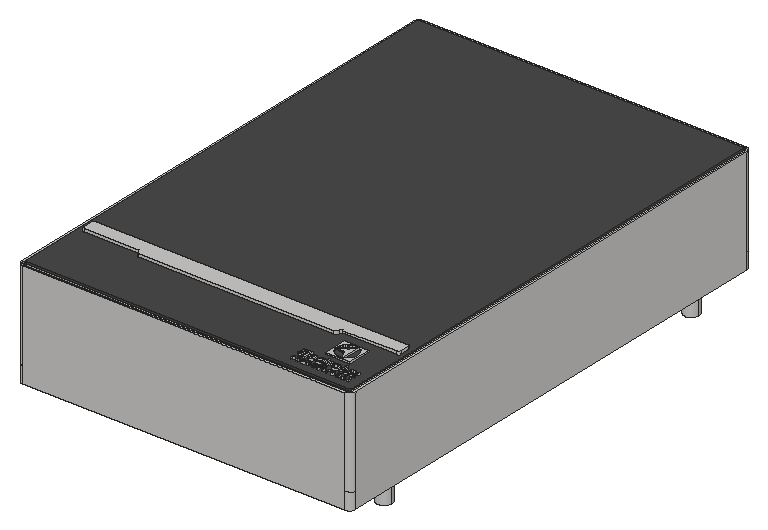
Revit family "QF_ELECTROLUXPROFESSIONAL_600901_E1HDEEOMCU", category Specialty Equipment, Revit 2018
Family settings
  Round Connector Dimension = Use Diameter
  Part Type = Normal
  Work Plane-Based = No
  Always vertical = Yes
  Cut with Voids When Loaded = No
  Shared = No
  Room Calculation Point = No
Parameters (values of type "Standard")
  Watts = 0 W
  Volts = 220 V
  URL = "http://professional.electrolux.com"
  Steam Supply Size = 0 mm
  Steam Supply Minimum Pressure = 0.0 Pa
  Steam Supply Maximum Pressure = 0.0 Pa
  Steam Pounds per Hour = 0
  Show logo [instance] = yes
  Manufacturer = "Electrolux Professional"
  Phase = 1
  Model = "E1HDEEOMCS"
  Item Number = "600877"
  Hot Water Size = 0 mm
  HP = "4 HP"
  Gas Size = 0 mm
  Gas KW = 0
  Direct Waste Size = 0 mm
  Description = "PLUG-IN INDUCTION MONO ZONE COOK TOP"
  Cycle = 60 Hz
  Condensate Return Size = 0 mm
  Compressed Air Volume = 0.0 L/s
  Compressed Air Size = 0 mm
  Compressed Air Pressure = 0.0 Pa
  Cold Water Size = 0 mm
Values of the unnamed type that differ from the named types
  Volts = 0 V
  Item Number = ""
  Cycle = 0 Hz
Reference planes
  plane 1 "Centro (Fronte/Retro)": y = 74.737
  plane 2: z = 0
  plane 3: x = -514.269
  plane 4 "LEFT": x = -714.269
  plane 5 "RIGHT": x = -314.269
  plane 6 "BACK": y = 374.737
  plane 7 "FRONT": y = -225.263
  plane 8: x = -712.269
  plane 9: y = 372.737
  plane 10: x = -316.269
  plane 11: y = -223.263
  plane 12: y = -124.263
  plane 13: x = -698.269
  plane 14: x = -330.269
  plane 15: y = 304.737
  plane 16: y = -155.263
  plane 17: x = -442.269
  plane 18: y = 179.737
  plane 19: z = 764
Forms (mm)
  Extrusion 1, solid, material "QF_Finishes_Stainless Steel"
    sketch origin (0, 0, 788) x (1, 0, 0) y (0, 1, 0)
      loop
        arc (-707.269, 374.737) -> (-712.218, 372.687) -> (-714.269, 367.737) r 7
        line (-714.269, 367.737) -> (-714.269, -218.263)
        arc (-714.269, -218.263) -> (-712.218, -223.213) -> (-707.269, -225.263) r 7
        line (-707.269, -225.263) -> (-321.269, -225.263)
        arc (-321.269, -225.263) -> (-316.319, -223.213) -> (-314.269, -218.263) r 7
        line (-314.269, -218.263) -> (-314.269, 367.737)
        arc (-314.269, 367.737) -> (-316.319, 372.687) -> (-321.269, 374.737) r 7
        line (-321.269, 374.737) -> (-707.269, 374.737)
    from 0 to 20
  Extrusion 2, solid, material "QF_Finishes_Stainless Steel"
    sketch origin (0, 0, 788) x (1, 0, 0) y (0, 1, 0)
      loop
        line (-321.269, 374.737) -> (-707.269, 374.737)
        arc (-707.269, 374.737) -> (-712.218, 372.687) -> (-714.269, 367.737) r 7
        line (-714.269, 367.737) -> (-714.269, -218.263)
        arc (-714.269, -218.263) -> (-712.218, -223.213) -> (-707.269, -225.263) r 7
        line (-707.269, -225.263) -> (-321.269, -225.263)
        arc (-321.269, -225.263) -> (-316.319, -223.213) -> (-314.269, -218.263) r 7
        line (-314.269, -218.263) -> (-314.269, 367.737)
        arc (-314.269, 367.737) -> (-316.319, 372.687) -> (-321.269, 374.737) r 7
      loop
        arc (-707.269, 372.737) -> (-710.804, 371.273) -> (-712.269, 367.737) r 5
        line (-712.269, 367.737) -> (-712.269, -218.263)
        arc (-712.269, -218.263) -> (-710.804, -221.798) -> (-707.269, -223.263) r 5
        line (-707.269, -223.263) -> (-321.269, -223.263)
        arc (-321.269, -223.263) -> (-317.733, -221.798) -> (-316.269, -218.263) r 5
        line (-316.269, -218.263) -> (-316.269, 367.737)
        arc (-316.269, 367.737) -> (-317.733, 371.273) -> (-321.269, 372.737) r 5
        line (-321.269, 372.737) -> (-707.269, 372.737)
    from 20 to 126
  Extrusion 3, solid, material "QF_Finishes_Black"
    sketch origin (0, 0, 914) x (-1, 0, 0) y (0, -1, 0)
      loop
        arc (707.269, -369.737) -> (708.683, -369.151) -> (709.269, -367.737) r 2
        line (709.269, -367.737) -> (709.269, 218.263)
        arc (709.269, 218.263) -> (708.683, 219.677) -> (707.269, 220.263) r 2
        line (707.269, 220.263) -> (321.269, 220.263)
        arc (321.269, 220.263) -> (319.854, 219.677) -> (319.269, 218.263) r 2
        line (319.269, 218.263) -> (319.269, -367.737)
        arc (319.269, -367.737) -> (319.854, -369.151) -> (321.269, -369.737) r 2
        line (321.269, -369.737) -> (707.269, -369.737)
    from 0 to 2
  Extrusion 4, solid, material "QF_Finishes_Stainless Steel"
    sketch origin (0, 0, 914) x (-1, 0, 0) y (0, -1, 0)
      loop
        arc (701.269, 124.263) -> (703.39, 125.142) -> (704.269, 127.263) r 3
        line (704.269, 127.263) -> (704.269, 137.763)
        arc (704.269, 137.763) -> (703.39, 139.884) -> (701.269, 140.763) r 3
        line (701.269, 140.763) -> (637.269, 140.763)
        arc (637.269, 140.763) -> (635.147, 141.642) -> (634.269, 143.763) r 3
        arc (634.269, 143.763) -> (633.39, 145.884) -> (631.269, 146.763) r 3
        line (631.269, 146.763) -> (397.269, 146.763)
        arc (397.269, 146.763) -> (395.147, 145.884) -> (394.269, 143.763) r 3
        arc (394.269, 143.763) -> (393.39, 141.642) -> (391.269, 140.763) r 3
        line (391.269, 140.763) -> (327.269, 140.763)
        arc (327.269, 140.763) -> (325.147, 139.884) -> (324.269, 137.763) r 3
        line (324.269, 137.763) -> (324.269, 127.263)
        arc (324.269, 127.263) -> (325.147, 125.142) -> (327.269, 124.263) r 3
        line (327.269, 124.263) -> (701.269, 124.263)
    from 2 to 5
  Extrusion 5, solid, material "QF_Finishes_Stainless Steel"
    sketch origin (0, 0, 140) x (-1, 0, 0) y (0, -1, 0)
      loop
        circle (698.269, -304.737) r 9
      loop
        circle (330.269, -304.737) r 9
      loop
        circle (698.269, 155.263) r 9
      loop
        circle (330.269, 155.263) r 9
    from 624 to 648
  Extrusion 6, solid, material "QF_Finishes_Stainless Steel"
    sketch origin (0, 0, 140) x (-1, 0, 0) y (0, -1, 0)
      loop
        circle (442.269, -179.737) r 10
    from 638.028 to 648
Cuts and joins
  joined: Extrusion 1, Extrusion 2
Lines and regions (mm)
  Split face 1
    outline origin (0, 0, 916) x (-1, 0, 0) y (0, -1, 0)
      loop
        line (324.269, 124.263) -> (324.269, -364.737) -> (704.269, -364.737) -> (704.269, 124.263) -> (324.269, 124.263)
  Split face 2
    outline origin (0, 0, 916) x (-1, 0, 0) y (0, -1, 0)
      loop
        circle (514.269, -120.237) r 139
  symbolic lines
    curve 1: line (-321.269, 374.737, 126) -> (-707.269, 374.737, 126)
    curve 2: arc (-707.269, 374.737, 126) -> (-712.218, 372.687, 126) -> (-714.269, 367.737, 126) r 7
    curve 3: line (-714.269, 367.737, 126) -> (-714.269, -218.263, 126)
    curve 4: arc (-714.269, -218.263, 126) -> (-712.218, -223.213, 126) -> (-707.269, -225.263, 126) r 7
    curve 5: line (-707.269, -225.263, 126) -> (-321.269, -225.263, 126)
    curve 6: arc (-321.269, -225.263, 126) -> (-316.319, -223.213, 126) -> (-314.269, -218.263, 126) r 7
    curve 7: line (-314.269, -218.263, 126) -> (-314.269, 367.737, 126)
    curve 8: arc (-314.269, 367.737, 126) -> (-316.319, 372.687, 126) -> (-321.269, 374.737, 126) r 7
    curve 9: line (-707.269, 372.737, 126) -> (-321.269, 372.737, 126)
    curve 10: arc (-321.269, 372.737, 126) -> (-317.733, 371.273, 126) -> (-316.269, 367.737, 126) r 5
    curve 11: line (-316.269, 367.737, 126) -> (-316.269, -218.263, 126)
    curve 12: arc (-316.269, -218.263, 126) -> (-317.733, -221.798, 126) -> (-321.269, -223.263, 126) r 5
    curve 13: line (-321.269, -223.263, 126) -> (-707.269, -223.263, 126)
    curve 14: arc (-707.269, -223.263, 126) -> (-710.804, -221.798, 126) -> (-712.269, -218.263, 126) r 5
    curve 15: line (-712.269, -218.263, 126) -> (-712.269, 367.737, 126)
    curve 16: arc (-712.269, 367.737, 126) -> (-710.804, 371.273, 126) -> (-707.269, 372.737, 126) r 5
    curve 17: arc (-375.269, 120.237, 126) -> (-514.269, 259.237, 126) -> (-653.269, 120.237, 126) r 139
    curve 18: arc (-653.269, 120.237, 126) -> (-514.269, -18.763, 126) -> (-375.269, 120.237, 126) r 139
    curve 19: line (-631.269, -146.763, 126) -> (-397.269, -146.763, 126)
    curve 20: arc (-397.269, -146.763, 126) -> (-395.147, -145.884, 126) -> (-394.269, -143.763, 126) r 3
    curve 21: arc (-394.269, -143.763, 126) -> (-393.39, -141.642, 126) -> (-391.269, -140.763, 126) r 3
    curve 22: line (-391.269, -140.763, 126) -> (-327.269, -140.763, 126)
    curve 23: arc (-327.269, -140.763, 126) -> (-325.147, -139.884, 126) -> (-324.269, -137.763, 126) r 3
    curve 24: line (-324.269, -137.763, 126) -> (-324.269, -127.263, 126)
    curve 25: arc (-324.269, -127.263, 126) -> (-325.147, -125.142, 126) -> (-327.269, -124.263, 126) r 3
    curve 26: line (-324.269, -124.263, 126) -> (-704.269, -124.263, 126)
    curve 27: arc (-701.269, -124.263, 126) -> (-703.39, -125.142, 126) -> (-704.269, -127.263, 126) r 3
    curve 28: line (-704.269, -127.263, 126) -> (-704.269, -137.763, 126)
    curve 29: arc (-704.269, -137.763, 126) -> (-703.39, -139.884, 126) -> (-701.269, -140.763, 126) r 3
    curve 30: line (-701.269, -140.763, 126) -> (-637.269, -140.763, 126)
    curve 31: arc (-637.269, -140.763, 126) -> (-635.147, -141.642, 126) -> (-634.269, -143.763, 126) r 3
    curve 32: arc (-634.269, -143.763, 126) -> (-633.39, -145.884, 126) -> (-631.269, -146.763, 126) r 3
    curve 33: line (-704.269, 364.737, 126) -> (-704.269, -124.263, 126)
    curve 34: line (-324.269, -124.263, 126) -> (-324.269, 364.737, 126)
    curve 35: line (-324.269, 364.737, 126) -> (-704.269, 364.737, 126)
    curve 36: line (-319.269, -218.263, 126) -> (-319.269, 367.737, 126)
    curve 37: arc (-319.269, 367.737, 126) -> (-319.854, 369.151, 126) -> (-321.269, 369.737, 126) r 2
    curve 38: line (-321.269, 369.737, 126) -> (-707.269, 369.737, 126)
    curve 39: arc (-707.269, 369.737, 126) -> (-708.683, 369.151, 126) -> (-709.269, 367.737, 126) r 2
    curve 40: line (-709.269, 367.737, 126) -> (-709.269, -218.263, 126)
    curve 41: arc (-709.269, -218.263, 126) -> (-708.683, -219.677, 126) -> (-707.269, -220.263, 126) r 2
    curve 42: line (-707.269, -220.263, 126) -> (-321.269, -220.263, 126)
    curve 43: arc (-321.269, -220.263, 126) -> (-319.854, -219.677, 126) -> (-319.269, -218.263, 126) r 2
    curve 44: line (-378.626, -153.452, 126) -> (-378.626, -182.168, 126)
    curve 45: line (-378.626, -182.168, 126) -> (-349.912, -182.168, 126)
    curve 46: line (-349.912, -182.168, 126) -> (-349.912, -153.452, 126)
    curve 47: line (-349.912, -153.452, 126) -> (-378.626, -153.452, 126)
    curve 48: line (-375.841, -162.424, 126) -> (-375.07, -161.023, 126)
    curve 49: line (-375.07, -161.023, 126) -> (-374.141, -159.732, 126)
    curve 50: line (-374.141, -159.732, 126) -> (-373.065, -158.564, 126)
    curve 51: line (-373.065, -158.564, 126) -> (-371.856, -157.535, 126)
    curve 52: line (-371.856, -157.535, 126) -> (-370.527, -156.661, 126)
    curve 53: line (-370.527, -156.661, 126) -> (-369.091, -155.954, 126)
    curve 54: line (-369.091, -155.954, 126) -> (-367.562, -155.431, 126)
    curve 55: line (-367.562, -155.431, 126) -> (-365.952, -155.107, 126)
    curve 56: arc (-365.952, -155.107, 126) -> (-363.752, -155.007, 126) -> (-361.567, -155.279, 126) r 13.008
    curve 57: arc (-361.567, -155.279, 126) -> (-361.815, -157.647, 126) -> (-362.651, -159.876, 126) r 9.395
    curve 58: line (-362.651, -159.876, 126) -> (-363.438, -161.245, 126)
    curve 59: line (-363.438, -161.245, 126) -> (-364.403, -162.507, 126)
    curve 60: line (-364.403, -162.507, 126) -> (-365.524, -163.648, 126)
    curve 61: line (-365.524, -163.648, 126) -> (-366.781, -164.654, 126)
    curve 62: line (-366.781, -164.654, 126) -> (-368.151, -165.509, 126)
    curve 63: line (-368.151, -165.509, 126) -> (-369.615, -166.2, 126)
    curve 64: line (-369.615, -166.2, 126) -> (-371.15, -166.712, 126)
    curve 65: line (-371.15, -166.712, 126) -> (-372.736, -167.029, 126)
    curve 66: line (-372.736, -167.029, 126) -> (-374.352, -167.138, 126)
    curve 67: line (-374.352, -167.138, 126) -> (-377.067, -167.138, 126)
    curve 68: line (-377.067, -167.138, 126) -> (-376.852, -165.495, 126)
    curve 69: line (-376.852, -165.495, 126) -> (-376.439, -163.92, 126)
    curve 70: line (-376.439, -163.92, 126) -> (-375.841, -162.424, 126)
    curve 71: line (-360.221, -179.969, 126) -> (-360.221, -155.646, 126)
    curve 72: line (-360.221, -155.646, 126) -> (-358.743, -156.237, 126)
    curve 73: line (-358.743, -156.237, 126) -> (-357.363, -157.003, 126)
    curve 74: line (-357.363, -157.003, 126) -> (-356.095, -157.931, 126)
    curve 75: line (-356.095, -157.931, 126) -> (-354.951, -159.007, 126)
    curve 76: line (-354.951, -159.007, 126) -> (-353.945, -160.217, 126)
    curve 77: line (-353.945, -160.217, 126) -> (-353.092, -161.548, 126)
    curve 78: line (-353.092, -161.548, 126) -> (-352.403, -162.986, 126)
    curve 79: line (-352.403, -162.986, 126) -> (-351.894, -164.517, 126)
    curve 80: line (-351.894, -164.517, 126) -> (-351.576, -166.128, 126)
    curve 81: line (-351.576, -166.128, 126) -> (-351.464, -167.804, 126)
    curve 82: line (-351.464, -167.804, 126) -> (-351.567, -169.456, 126)
    curve 83: line (-351.567, -169.456, 126) -> (-351.873, -171.047, 126)
    curve 84: line (-351.873, -171.047, 126) -> (-352.372, -172.563, 126)
    curve 85: line (-352.372, -172.563, 126) -> (-353.05, -173.992, 126)
    curve 86: line (-353.05, -173.992, 126) -> (-353.897, -175.319, 126)
    curve 87: line (-353.897, -175.319, 126) -> (-354.899, -176.532, 126)
    curve 88: line (-354.899, -176.532, 126) -> (-356.044, -177.617, 126)
    curve 89: line (-356.044, -177.617, 126) -> (-357.321, -178.56, 126)
    curve 90: line (-357.321, -178.56, 126) -> (-358.718, -179.349, 126)
    curve 91: line (-358.718, -179.349, 126) -> (-360.221, -179.969, 126)
    curve 92: line (-369.613, -169.43, 126) -> (-368.15, -170.12, 126)
    curve 93: line (-368.15, -170.12, 126) -> (-366.78, -170.975, 126)
    curve 94: line (-366.78, -170.975, 126) -> (-365.524, -171.98, 126)
    curve 95: line (-365.524, -171.98, 126) -> (-364.403, -173.12, 126)
    curve 96: line (-364.403, -173.12, 126) -> (-363.439, -174.381, 126)
    curve 97: line (-363.439, -174.381, 126) -> (-362.652, -175.748, 126)
    curve 98: arc (-362.652, -175.748, 126) -> (-361.85, -177.982, 126) -> (-361.568, -180.34, 126) r 10.532
    curve 99: arc (-361.568, -180.34, 126) -> (-362.906, -180.548, 126) -> (-364.258, -180.63, 126) r 14.39
    curve 100: line (-364.258, -180.63, 126) -> (-365.828, -180.532, 126)
    curve 101: line (-365.828, -180.532, 126) -> (-367.331, -180.252, 126)
    curve 102: line (-367.331, -180.252, 126) -> (-368.77, -179.801, 126)
    curve 103: line (-368.77, -179.801, 126) -> (-370.134, -179.191, 126)
    curve 104: line (-370.134, -179.191, 126) -> (-371.411, -178.434, 126)
    curve 105: line (-371.411, -178.434, 126) -> (-372.589, -177.541, 126)
    curve 106: line (-372.589, -177.541, 126) -> (-373.656, -176.525, 126)
    curve 107: line (-373.656, -176.525, 126) -> (-374.6, -175.397, 126)
    curve 108: line (-374.6, -175.397, 126) -> (-375.41, -174.168, 126)
    curve 109: line (-375.41, -174.168, 126) -> (-376.073, -172.852, 126)
    curve 110: line (-376.073, -172.852, 126) -> (-376.579, -171.46, 126)
    curve 111: line (-376.579, -171.46, 126) -> (-376.915, -170.003, 126)
    curve 112: line (-376.915, -170.003, 126) -> (-377.069, -168.493, 126)
    curve 113: line (-377.069, -168.493, 126) -> (-374.35, -168.493, 126)
    curve 114: line (-374.35, -168.493, 126) -> (-372.734, -168.602, 126)
    curve 115: line (-372.734, -168.602, 126) -> (-371.148, -168.919, 126)
    curve 116: line (-371.148, -168.919, 126) -> (-369.613, -169.43, 126)
    curve 117: arc (-399.495, -197.154, 126) -> (-398.466, -199.638, 126) -> (-395.982, -200.667, 126) r 3.513
    curve 118: line (-395.982, -200.667, 126) -> (-392.408, -200.667, 126)
    curve 119: line (-392.408, -200.667, 126) -> (-392.408, -198.85, 126)
    curve 120: line (-392.408, -198.85, 126) -> (-395.966, -198.85, 126)
    curve 121: arc (-395.966, -198.85, 126) -> (-397.094, -198.382, 126) -> (-397.562, -197.254, 126) r 1.596
    curve 122: line (-397.562, -197.254, 126) -> (-397.562, -195.74, 126)
    curve 123: line (-397.562, -195.74, 126) -> (-392.843, -195.74, 126)
    curve 124: line (-392.843, -195.74, 126) -> (-392.843, -193.917, 126)
    curve 125: line (-392.843, -193.917, 126) -> (-397.563, -193.917, 126)
    curve 126: line (-397.563, -193.917, 126) -> (-397.563, -191.264, 126)
    curve 127: line (-397.563, -191.264, 126) -> (-392.542, -191.264, 126)
    curve 128: line (-392.542, -191.264, 126) -> (-392.542, -189.445, 126)
    curve 129: line (-392.542, -189.445, 126) -> (-399.495, -189.445, 126)
    curve 130: line (-399.495, -189.445, 126) -> (-399.495, -193.353, 126)
    curve 131: line (-399.495, -193.353, 126) -> (-399.495, -197.154, 126)
    curve 132: line (-389.101, -189.455, 126) -> (-391.035, -189.455, 126)
    curve 133: line (-391.035, -189.455, 126) -> (-391.035, -194.76, 126)
    curve 134: line (-391.035, -194.76, 126) -> (-391.035, -200.681, 126)
    curve 135: line (-391.035, -200.681, 126) -> (-389.101, -200.681, 126)
    curve 136: line (-389.101, -200.681, 126) -> (-389.101, -194.721, 126)
    curve 137: line (-389.101, -194.721, 126) -> (-389.101, -189.455, 126)
    curve 138: arc (-380.394, -193.787, 126) -> (-383.654, -192.313, 126) -> (-386.913, -193.787, 126) r 4.34
    curve 139: arc (-386.913, -193.787, 126) -> (-387.819, -196.606, 126) -> (-386.913, -199.425, 126) r 4.838
    curve 140: arc (-386.913, -199.425, 126) -> (-383.498, -200.88, 126) -> (-380.082, -199.425, 126) r 4.737
    curve 141: line (-380.082, -199.425, 126) -> (-381.246, -198.293, 126)
    curve 142: arc (-381.246, -198.293, 126) -> (-383.382, -199.237, 126) -> (-385.517, -198.293, 126) r 2.888
    curve 143: arc (-385.517, -198.293, 126) -> (-385.841, -197.736, 126) -> (-385.905, -197.095, 126) r 1.527
    curve 144: line (-385.905, -197.095, 126) -> (-379.564, -197.095, 126)
    curve 145: arc (-379.564, -197.095, 126) -> (-379.672, -195.364, 126) -> (-380.394, -193.787, 126) r 4.757
    curve 146: line (-381.505, -195.736, 126) -> (-385.858, -195.736, 126)
    curve 147: arc (-385.858, -195.736, 126) -> (-385.043, -194.411, 126) -> (-383.56, -193.941, 126) r 2.23
    curve 148: arc (-383.56, -193.941, 126) -> (-382.221, -194.482, 126) -> (-381.505, -195.736, 126) r 2.201
    curve 149: arc (-372.029, -198.26, 126) -> (-376.639, -196.593, 126) -> (-372.029, -194.927, 126) r 2.606
    curve 150: line (-372.029, -194.927, 126) -> (-370.832, -193.681, 126)
    curve 151: arc (-370.832, -193.681, 126) -> (-378.564, -196.594, 126) -> (-370.832, -199.507, 126) r 4.415
    curve 152: line (-370.832, -199.507, 126) -> (-372.029, -198.26, 126)
    curve 153: line (-369.629, -193.481, 126) -> (-369.629, -197.299, 126)
    curve 154: arc (-369.629, -197.299, 126) -> (-368.592, -199.893, 126) -> (-365.911, -200.681, 126) r 3.196
    curve 155: line (-365.911, -200.681, 126) -> (-365.904, -198.864, 126)
    curve 156: arc (-365.904, -198.864, 126) -> (-367.239, -198.457, 126) -> (-367.699, -197.14, 126) r 1.542
    curve 157: line (-367.699, -197.14, 126) -> (-367.699, -194.319, 126)
    curve 158: line (-367.699, -194.319, 126) -> (-365.94, -194.319, 126)
    curve 159: line (-365.94, -194.319, 126) -> (-365.94, -192.562, 126)
    curve 160: line (-365.94, -192.562, 126) -> (-367.696, -192.562, 126)
    curve 161: line (-367.696, -192.562, 126) -> (-367.696, -189.455, 126)
    curve 162: line (-367.696, -189.455, 126) -> (-369.629, -189.455, 126)
    curve 163: line (-369.629, -189.455, 126) -> (-369.629, -193.481, 126)
    curve 164: arc (-359.402, -192.451, 126) -> (-361.13, -192.587, 126) -> (-362.397, -193.771, 126) r 2.627
    curve 165: line (-362.397, -193.771, 126) -> (-362.397, -192.563, 126)
    curve 166: line (-362.397, -192.563, 126) -> (-364.315, -192.563, 126)
    curve 167: line (-364.315, -192.563, 126) -> (-364.315, -196.541, 126)
    curve 168: line (-364.315, -196.541, 126) -> (-364.315, -200.681, 126)
    curve 169: line (-364.315, -200.681, 126) -> (-362.397, -200.681, 126)
    curve 170: line (-362.397, -200.681, 126) -> (-362.397, -196.412, 126)
    curve 171: arc (-362.397, -196.412, 126) -> (-361.445, -194.585, 126) -> (-359.402, -194.319, 126) r 2.229
    curve 172: line (-359.402, -194.319, 126) -> (-359.402, -192.451, 126)
    curve 173: arc (-350.248, -196.625, 126) -> (-354.668, -192.205, 126) -> (-359.088, -196.625, 126) r 4.42
    curve 174: arc (-359.088, -196.625, 126) -> (-354.668, -201.046, 126) -> (-350.248, -196.625, 126) r 4.42
    curve 175: arc (-357.176, -196.625, 126) -> (-354.668, -194.117, 126) -> (-352.16, -196.625, 126) r 2.508
    curve 176: arc (-352.16, -196.625, 126) -> (-354.668, -199.134, 126) -> (-357.176, -196.625, 126) r 2.508
    curve 177: line (-347.124, -189.454, 126) -> (-349.058, -189.454, 126)
    curve 178: line (-349.058, -189.454, 126) -> (-349.058, -194.566, 126)
    curve 179: line (-349.058, -194.566, 126) -> (-349.058, -200.682, 126)
    curve 180: line (-349.058, -200.682, 126) -> (-347.124, -200.682, 126)
    curve 181: line (-347.124, -200.682, 126) -> (-347.124, -194.643, 126)
    curve 182: line (-347.124, -194.643, 126) -> (-347.124, -189.454, 126)
    curve 183: line (-343.697, -192.562, 126) -> (-345.646, -192.562, 126)
    curve 184: line (-345.646, -192.562, 126) -> (-345.646, -194.915, 126)
    curve 185: line (-345.646, -194.915, 126) -> (-345.646, -197.715, 126)
    curve 186: arc (-345.646, -197.715, 126) -> (-341.931, -201.044, 126) -> (-338.204, -197.728, 126) r 3.745
    curve 187: line (-338.204, -197.728, 126) -> (-338.204, -194.915, 126)
    curve 188: line (-338.204, -194.915, 126) -> (-338.204, -192.562, 126)
    curve 189: line (-338.204, -192.562, 126) -> (-340.152, -192.562, 126)
    curve 190: line (-340.152, -192.562, 126) -> (-340.152, -197.299, 126)
    curve 191: arc (-340.152, -197.299, 126) -> (-341.925, -199.071, 126) -> (-343.697, -197.299, 126) r 1.772
    curve 192: line (-343.697, -197.299, 126) -> (-343.697, -192.562, 126)
    curve 193: line (-334.237, -196.397, 126) -> (-335.916, -198.735, 126)
    curve 194: line (-335.916, -198.735, 126) -> (-337.313, -200.682, 126)
    curve 195: line (-337.313, -200.682, 126) -> (-335.235, -200.682, 126)
    curve 196: line (-335.235, -200.682, 126) -> (-333.174, -197.813, 126)
    curve 197: line (-333.174, -197.813, 126) -> (-331.112, -200.682, 126)
    curve 198: line (-331.112, -200.682, 126) -> (-329.034, -200.682, 126)
    curve 199: line (-329.034, -200.682, 126) -> (-330.891, -198.085, 126)
    curve 200: line (-330.891, -198.085, 126) -> (-332.11, -196.38, 126)
    curve 201: line (-332.11, -196.38, 126) -> (-330.601, -194.325, 126)
    curve 202: line (-330.601, -194.325, 126) -> (-329.308, -192.563, 126)
    curve 203: line (-329.308, -192.563, 126) -> (-331.418, -192.563, 126)
    curve 204: line (-331.418, -192.563, 126) -> (-333.174, -194.995, 126)
    curve 205: line (-333.174, -194.995, 126) -> (-334.946, -192.563, 126)
    curve 206: line (-334.946, -192.563, 126) -> (-337.039, -192.563, 126)
    curve 207: line (-337.039, -192.563, 126) -> (-335.839, -194.205, 126)
    curve 208: line (-335.839, -194.205, 126) -> (-334.237, -196.397, 126)
    curve 209: line (-399.467, -205.699, 126) -> (-399.467, -209.59, 126)
    curve 210: line (-399.467, -209.59, 126) -> (-398.667, -209.59, 126)
    curve 211: line (-398.667, -209.59, 126) -> (-398.667, -208.271, 126)
    curve 212: line (-398.667, -208.271, 126) -> (-397.697, -208.271, 126)
    curve 213: arc (-397.697, -208.271, 126) -> (-396.674, -206.863, 126) -> (-397.967, -205.699, 126) r 1.3
    curve 214: line (-397.967, -205.699, 126) -> (-399.467, -205.699, 126)
    curve 215: line (-398.667, -207.52, 126) -> (-398.667, -206.434, 126)
    curve 216: line (-398.667, -206.434, 126) -> (-397.861, -206.434, 126)
    curve 217: arc (-397.861, -206.434, 126) -> (-397.461, -206.977, 126) -> (-397.861, -207.52, 126) r 0.569
    curve 218: line (-397.861, -207.52, 126) -> (-398.667, -207.52, 126)
    curve 219: line (-393.389, -205.699, 126) -> (-393.389, -209.59, 126)
    curve 220: line (-393.389, -209.59, 126) -> (-392.589, -209.59, 126)
    curve 221: line (-392.589, -209.59, 126) -> (-392.589, -208.249, 126)
    curve 222: line (-392.589, -208.249, 126) -> (-391.763, -208.249, 126)
    curve 223: line (-391.763, -208.249, 126) -> (-390.957, -209.59, 126)
    curve 224: line (-390.957, -209.59, 126) -> (-390.05, -209.59, 126)
    curve 225: line (-390.05, -209.59, 126) -> (-391.058, -207.929, 126)
    curve 226: arc (-391.058, -207.929, 126) -> (-390.677, -206.531, 126) -> (-391.863, -205.699, 126) r 1.26
    curve 227: line (-391.863, -205.699, 126) -> (-393.389, -205.699, 126)
    curve 228: line (-392.589, -207.52, 126) -> (-392.589, -206.434, 126)
    curve 229: line (-392.589, -206.434, 126) -> (-391.782, -206.434, 126)
    curve 230: arc (-391.782, -206.434, 126) -> (-391.383, -206.977, 126) -> (-391.782, -207.52, 126) r 0.569
    curve 231: line (-391.782, -207.52, 126) -> (-392.589, -207.52, 126)
    curve 232: arc (-386.695, -207.668, 126) -> (-385.407, -206.38, 126) -> (-384.119, -207.668, 126) r 1.288
    curve 233: arc (-384.119, -207.668, 126) -> (-385.407, -208.956, 126) -> (-386.695, -207.668, 126) r 1.288
    curve 234: arc (-383.342, -207.668, 126) -> (-385.407, -205.603, 126) -> (-387.472, -207.668, 126) r 2.065
    curve 235: arc (-387.472, -207.668, 126) -> (-385.407, -209.733, 126) -> (-383.342, -207.668, 126) r 2.065
    curve 236: line (-379.969, -205.699, 126) -> (-379.969, -209.59, 126)
    curve 237: line (-379.969, -209.59, 126) -> (-379.169, -209.59, 126)
    curve 238: line (-379.169, -209.59, 126) -> (-379.169, -208.099, 126)
    curve 239: line (-379.169, -208.099, 126) -> (-377.704, -208.099, 126)
    curve 240: line (-377.704, -208.099, 126) -> (-377.704, -207.299, 126)
    curve 241: line (-377.704, -207.299, 126) -> (-379.169, -207.299, 126)
    curve 242: line (-379.169, -207.299, 126) -> (-379.169, -206.499, 126)
    curve 243: line (-379.169, -206.499, 126) -> (-377.564, -206.499, 126)
    curve 244: line (-377.564, -206.499, 126) -> (-377.564, -205.699, 126)
    curve 245: line (-377.564, -205.699, 126) -> (-379.969, -205.699, 126)
    curve 246: line (-374.264, -205.699, 126) -> (-374.264, -208.344, 126)
    curve 247: arc (-374.264, -208.344, 126) -> (-373.899, -209.225, 126) -> (-373.017, -209.59, 126) r 1.246
    curve 248: line (-373.017, -209.59, 126) -> (-371.761, -209.59, 126)
    curve 249: line (-371.761, -209.59, 126) -> (-371.761, -208.79, 126)
    curve 250: line (-371.761, -208.79, 126) -> (-372.922, -208.79, 126)
    curve 251: arc (-372.922, -208.79, 126) -> (-373.361, -208.576, 126) -> (-373.464, -208.099, 126) r 0.558
    curve 252: line (-373.464, -208.099, 126) -> (-371.907, -208.099, 126)
    curve 253: line (-371.907, -208.099, 126) -> (-371.907, -207.299, 126)
    curve 254: line (-371.907, -207.299, 126) -> (-373.464, -207.299, 126)
    curve 255: line (-373.464, -207.299, 126) -> (-373.464, -206.499, 126)
    curve 256: line (-373.464, -206.499, 126) -> (-371.799, -206.499, 126)
    curve 257: line (-371.799, -206.499, 126) -> (-371.799, -205.699, 126)
    curve 258: line (-371.799, -205.699, 126) -> (-374.264, -205.699, 126)
    curve 259: arc (-368.711, -208.718, 126) -> (-367.818, -209.538, 126) -> (-366.606, -209.568, 126) r 1.725
    curve 260: arc (-366.606, -209.568, 126) -> (-365.785, -208.793, 126) -> (-366.071, -207.702, 126) r 1.107
    curve 261: arc (-366.071, -207.702, 126) -> (-366.648, -207.348, 126) -> (-367.264, -207.067, 126) r 5.523
    curve 262: arc (-367.264, -207.067, 126) -> (-367.604, -206.55, 126) -> (-367.043, -206.293, 126) r 0.407
    curve 263: arc (-367.043, -206.293, 126) -> (-366.706, -206.498, 126) -> (-366.425, -206.775, 126) r 1.702
    curve 264: line (-366.425, -206.775, 126) -> (-365.74, -206.363, 126)
    curve 265: arc (-365.74, -206.363, 126) -> (-366.172, -205.902, 126) -> (-366.708, -205.566, 126) r 2.463
    curve 266: arc (-366.708, -205.566, 126) -> (-368.378, -206.347, 126) -> (-367.331, -207.864, 126) r 1.207
    curve 267: line (-367.331, -207.864, 126) -> (-366.868, -208.812, 126)
    curve 268: arc (-366.868, -208.812, 126) -> (-367.513, -208.798, 126) -> (-367.991, -208.367, 126) r 0.925
    curve 269: line (-367.991, -208.367, 126) -> (-368.711, -208.718, 126)
    curve 270: arc (-362.851, -208.718, 126) -> (-361.958, -209.538, 126) -> (-360.746, -209.568, 126) r 1.725
    curve 271: arc (-360.746, -209.568, 126) -> (-359.926, -208.793, 126) -> (-360.211, -207.702, 126) r 1.107
    curve 272: arc (-360.211, -207.702, 126) -> (-360.788, -207.348, 126) -> (-361.405, -207.067, 126) r 5.523
    curve 273: arc (-361.405, -207.067, 126) -> (-361.745, -206.55, 126) -> (-361.183, -206.293, 126) r 0.407
    curve 274: arc (-361.183, -206.293, 126) -> (-360.846, -206.498, 126) -> (-360.566, -206.775, 126) r 1.702
    curve 275: line (-360.566, -206.775, 126) -> (-359.88, -206.363, 126)
    curve 276: arc (-359.88, -206.363, 126) -> (-360.313, -205.902, 126) -> (-360.848, -205.566, 126) r 2.463
    curve 277: arc (-360.848, -205.566, 126) -> (-362.518, -206.347, 126) -> (-361.471, -207.864, 126) r 1.207
    curve 278: line (-361.471, -207.864, 126) -> (-361.009, -208.812, 126)
    curve 279: arc (-361.009, -208.812, 126) -> (-361.653, -208.798, 126) -> (-362.132, -208.367, 126) r 0.925
    curve 280: line (-362.132, -208.367, 126) -> (-362.851, -208.718, 126)
    curve 281: line (-356.591, -209.59, 126) -> (-355.791, -209.59, 126)
    curve 282: line (-355.791, -209.59, 126) -> (-355.791, -205.699, 126)
    curve 283: line (-355.791, -205.699, 126) -> (-356.591, -205.699, 126)
    curve 284: line (-356.591, -205.699, 126) -> (-356.591, -209.59, 126)
    curve 285: arc (-352.472, -207.668, 126) -> (-350.407, -209.733, 126) -> (-348.342, -207.668, 126) r 2.065
    curve 286: arc (-348.342, -207.668, 126) -> (-350.407, -205.603, 126) -> (-352.472, -207.668, 126) r 2.065
    curve 287: arc (-351.695, -207.668, 126) -> (-350.407, -206.38, 126) -> (-349.119, -207.668, 126) r 1.288
    curve 288: arc (-349.119, -207.668, 126) -> (-350.407, -208.956, 126) -> (-351.695, -207.668, 126) r 1.288
    curve 289: line (-345.051, -205.699, 126) -> (-345.051, -209.59, 126)
    curve 290: line (-345.051, -209.59, 126) -> (-344.221, -209.59, 126)
    curve 291: line (-344.221, -209.59, 126) -> (-344.221, -207.143, 126)
    curve 292: line (-344.221, -207.143, 126) -> (-342.441, -209.59, 126)
    curve 293: line (-342.441, -209.59, 126) -> (-341.641, -209.59, 126)
    curve 294: line (-341.641, -209.59, 126) -> (-341.641, -205.699, 126)
    curve 295: line (-341.641, -205.699, 126) -> (-342.471, -205.699, 126)
    curve 296: line (-342.471, -205.699, 126) -> (-342.471, -208.219, 126)
    curve 297: line (-342.471, -208.219, 126) -> (-344.251, -205.699, 126)
    curve 298: line (-344.251, -205.699, 126) -> (-345.051, -205.699, 126)
    curve 299: line (-336.895, -205.7, 126) -> (-338.488, -209.59, 126)
    curve 300: line (-338.488, -209.59, 126) -> (-337.629, -209.59, 126)
    curve 301: line (-337.629, -209.59, 126) -> (-337.25, -208.75, 126)
    curve 302: line (-337.25, -208.75, 126) -> (-335.811, -208.75, 126)
    curve 303: line (-335.811, -208.75, 126) -> (-335.432, -209.59, 126)
    curve 304: line (-335.432, -209.59, 126) -> (-334.574, -209.59, 126)
    curve 305: line (-334.574, -209.59, 126) -> (-336.095, -205.7, 126)
    curve 306: line (-336.095, -205.7, 126) -> (-336.895, -205.7, 126)
    curve 307: line (-336.947, -207.983, 126) -> (-336.529, -206.965, 126)
    curve 308: line (-336.529, -206.965, 126) -> (-336.131, -207.983, 126)
    curve 309: line (-336.131, -207.983, 126) -> (-336.947, -207.983, 126)
    curve 310: line (-331.398, -205.699, 126) -> (-331.398, -209.59, 126)
    curve 311: line (-331.398, -209.59, 126) -> (-329.102, -209.59, 126)
    curve 312: line (-329.102, -209.59, 126) -> (-329.102, -208.79, 126)
    curve 313: line (-329.102, -208.79, 126) -> (-330.599, -208.79, 126)
    curve 314: line (-330.599, -208.79, 126) -> (-330.599, -205.699, 126)
    curve 315: line (-330.599, -205.699, 126) -> (-331.398, -205.699, 126)
Dimensions and locks
  equal spacing: plane 4 "LEFT", plane 3, plane 5 "RIGHT"
  plane 4 "LEFT" to plane 5 "RIGHT" = 400 mm
  equal spacing: plane 6 "BACK", plane 1 "Centro (Fronte/Retro)", plane 7 "FRONT"
  plane 6 "BACK" to plane 7 "FRONT" = 600 mm
  locked: plane 4 "LEFT" to plane 13 at 16
  locked: plane 14 to plane 5 "RIGHT" at 16
  locked: plane 6 "BACK" to plane 15 at 70
  locked: plane 16 to plane 7 "FRONT" at 70
  locked: plane 17 to plane 5 "RIGHT" at 128
  locked: plane 6 "BACK" to plane 18 at 195
  Extrusion 4 to Extrusion 5 = 155 mm
  plane 19 to level = 764 mm
  Extrusion 3 to cut or joined group of Extrusion 1, Extrusion 2 = 128 mm
  cut or joined group of Extrusion 1, Extrusion 2 to level = 914 mm
  aligned and locked: level to plane 2
  aligned and locked: Extrusion 5 to cut or joined group of Extrusion 1, Extrusion 2
Automatic sketch dimensions
  Extrusion 1 sketch curve to plane 4 "LEFT" = 0 mm
  Extrusion 1 sketch curve to plane 7 "FRONT" = 0 mm
  Extrusion 1 sketch curve to plane 6 "BACK" = 0 mm
  Extrusion 1 sketch curve to plane 5 "RIGHT" = 0 mm
  plane 8 to Extrusion 1 sketch curve = 5 mm  (x2)
  Extrusion 1 sketch curve to plane 10 = 5 mm  (x2)
  Extrusion 2 sketch curve to Extrusion 2 sketch curve = 0 mm  (x8)
  Extrusion 2 sketch curve to plane 4 "LEFT" = 0 mm
  Extrusion 2 sketch curve to plane 8 = 0 mm
  Extrusion 2 sketch curve to plane 6 "BACK" = 0 mm
  Extrusion 2 sketch curve to plane 7 "FRONT" = 0 mm
  Extrusion 2 sketch curve to plane 10 = 0 mm
  Extrusion 2 sketch curve to Extrusion 2 sketch curve = 5 mm  (x2)
  Extrusion 2 sketch curve to plane 10 = 5 mm  (x2)
  Extrusion 3 sketch curve to plane 10 = 3 mm
  Extrusion 3 sketch curve to Extrusion 3 sketch curve = 2 mm  (x3)
  plane 8 to Extrusion 3 sketch curve = 5 mm  (x2)
  Extrusion 3 sketch curve to plane 9 = 3 mm
  plane 11 to Extrusion 3 sketch curve = 5 mm
  Extrusion 4 sketch curve to plane 12 = 0 mm
  Extrusion 4 sketch curve to plane 10 = 8 mm
  Extrusion 4 sketch curve to Extrusion 4 sketch curve = 3 mm  (x3)
  Extrusion 4 sketch curve to plane 12 = 19.5 mm
  Extrusion 4 sketch curve to Extrusion 4 sketch curve = 64 mm
  Extrusion 4 sketch curve to Extrusion 4 sketch curve = 6 mm  (x2)
  Extrusion 4 sketch curve to plane 12 = 22.5 mm
  plane 8 to Extrusion 4 sketch curve = 81 mm
  plane 8 to Extrusion 4 sketch curve = 11 mm
  Extrusion 4 sketch curve to plane 12 = 3 mm
  Extrusion 4 sketch curve to Extrusion 4 sketch curve = 0 mm
  Extrusion 4 sketch curve to Extrusion 4 sketch curve = 10.5 mm  (x2)
  Split face 1 sketch curve to Extrusion 3 = 5 mm  (x3)
  Split face 1 sketch curve to Extrusion 3 = 96 mm
  Split face 2 sketch curve to Extrusion 3 = 195 mm
  Split face 2 sketch curve to Extrusion 3 = 249.5 mm
  Extrusion 5 sketch curve to plane 14 = 0 mm  (x2)
  Extrusion 5 sketch curve to plane 13 = 0 mm  (x2)
  Extrusion 5 sketch curve to plane 15 = 0 mm  (x2)
  Extrusion 5 sketch curve to plane 16 = 0 mm  (x2)
  Extrusion 6 sketch curve to plane 17 = 0 mm
  Extrusion 6 sketch curve to plane 18 = 0 mm
  curve 2 to curve 16 = 0 mm  (x2)
  curve 4 to curve 14 = 0 mm
  curve 6 to curve 12 = 0 mm  (x2)
  curve 8 to curve 10 = 0 mm  (x2)
  curve 8 to plane 5 "RIGHT" = 0 mm
  curve 11 to plane 10 = 0 mm
  curve 9 to plane 9 = 0 mm
  curve 5 to plane 7 "FRONT" = 0 mm
  curve 26 to plane 12 = 0 mm
  curve 17 to plane 3 = 0 mm
  curve 14 to plane 8 = 0 mm
  curve 12 to plane 10 = 5 mm
  curve 10 to plane 9 = 5 mm
  curve 8 to curve 35 = 3 mm
  plane 14 to curve 24 = 6 mm
  curve 23 to curve 23 = 3 mm
  curve 25 to curve 25 = 3 mm
  plane 16 to curve 21 = 11.5 mm
  plane 17 to curve 21 = 51 mm
  curve 21 to curve 19 = 6 mm
  plane 16 to curve 19 = 8.5 mm
  plane 13 to curve 19 = 67 mm
  curve 32 to curve 31 = 6 mm
  curve 29 to plane 13 = 3 mm
  curve 27 to plane 13 = 3 mm
  curve 33 to plane 13 = 6 mm
  curve 29 to curve 28 = 3 mm
  plane 8 to curve 9 = 5 mm
  plane 8 to curve 13 = 5 mm
  curve 8 to curve 34 = 3 mm
  curve 18 to plane 1 "Centro (Fronte/Retro)" = 45.5 mm
  curve 28 to curve 28 = 10.5 mm
  curve 25 to curve 24 = 10.5 mm
  curve 30 to curve 31 = 3 mm
  curve 18 to plane 14 = 45 mm
  curve 2 to curve 39 = 0 mm  (x2)
  curve 4 to curve 41 = 0 mm  (x2)
  curve 6 to curve 43 = 0 mm  (x2)
  curve 8 to curve 37 = 0 mm
  curve 36 to curve 10 = 2 mm
  curve 46 to plane 14 = 19.643 mm
  curve 45 to curve 45 = 28.714 mm
  plane 16 to curve 44 = 1.811 mm
  curve 44 to plane 16 = 26.905 mm
  curve 58 to plane 16 = 4.613 mm
  curve 46 to curve 58 = 12.74 mm
  curve 59 to plane 16 = 5.982 mm
  curve 58 to curve 59 = 0.787 mm
  curve 58 to curve 56 = 0.823 mm
  curve 60 to plane 16 = 7.244 mm
  curve 58 to curve 60 = 0.965 mm
  curve 60 to plane 16 = 8.385 mm
  curve 59 to curve 60 = 1.121 mm
  plane 16 to curve 55 = 0.156 mm
  curve 57 to curve 55 = 3.3 mm
  curve 62 to plane 16 = 9.391 mm
  curve 60 to curve 62 = 1.256 mm
  curve 55 to plane 16 = 0.168 mm
  curve 56 to curve 55 = 1.61 mm
  curve 62 to plane 16 = 10.246 mm
  curve 62 to curve 62 = 1.37 mm
  curve 53 to plane 16 = 0.691 mm
  curve 54 to curve 53 = 1.53 mm
  curve 63 to plane 16 = 10.937 mm
  curve 63 to curve 63 = 1.464 mm
  curve 53 to plane 16 = 1.398 mm
  curve 54 to curve 53 = 1.436 mm
  curve 57 to plane 16 = 0.227 mm
  curve 52 to curve 57 = 0.433 mm
  curve 64 to plane 16 = 11.449 mm
  curve 63 to curve 64 = 1.535 mm
  curve 51 to plane 16 = 2.272 mm
  curve 52 to curve 51 = 1.329 mm
  curve 66 to plane 16 = 11.766 mm
  curve 64 to curve 66 = 1.586 mm
  curve 51 to plane 16 = 3.301 mm
  curve 51 to curve 51 = 1.209 mm
  curve 49 to plane 16 = 4.469 mm
  curve 51 to curve 49 = 1.076 mm
  curve 66 to plane 16 = 11.875 mm
  curve 65 to curve 66 = 1.616 mm
  curve 48 to plane 16 = 5.76 mm
  curve 49 to curve 48 = 0.93 mm
  curve 48 to plane 16 = 7.161 mm
  curve 48 to curve 48 = 0.771 mm
  curve 70 to plane 16 = 8.657 mm
  curve 48 to curve 70 = 0.598 mm
  curve 69 to plane 16 = 10.232 mm
  curve 69 to curve 69 = 0.413 mm
  curve 68 to curve 68 = 0.215 mm
  curve 61 to curve 56 = 3.351 mm
  curve 82 to curve 56 = 12.798 mm
  curve 82 to curve 82 = 0.102 mm
  curve 81 to curve 80 = 0.112 mm
  curve 82 to curve 84 = 0.306 mm
  curve 80 to plane 16 = 9.254 mm
  curve 81 to curve 80 = 0.317 mm
  curve 83 to curve 85 = 0.499 mm
  curve 78 to plane 16 = 7.723 mm
  curve 79 to curve 78 = 0.51 mm
  curve 85 to curve 85 = 0.679 mm
  curve 78 to plane 16 = 6.285 mm
  curve 78 to curve 78 = 0.688 mm
  curve 85 to curve 87 = 0.846 mm
  curve 77 to plane 16 = 4.954 mm
  curve 77 to curve 77 = 0.854 mm
  curve 87 to curve 87 = 1.002 mm
  curve 75 to plane 16 = 3.744 mm
  curve 76 to curve 75 = 1.005 mm
  curve 88 to curve 88 = 1.146 mm
  curve 75 to plane 16 = 2.668 mm
  curve 75 to curve 75 = 1.144 mm
  curve 88 to curve 89 = 1.277 mm
  curve 74 to plane 16 = 1.74 mm
  curve 75 to curve 74 = 1.269 mm
  curve 89 to curve 90 = 1.396 mm
  curve 73 to plane 16 = 0.974 mm
  curve 73 to curve 73 = 1.38 mm
  curve 72 to plane 16 = 0.383 mm
  curve 72 to curve 57 = 1.346 mm
  curve 79 to curve 80 = 1.611 mm
  curve 80 to curve 81 = 1.677 mm
  curve 82 to curve 83 = 1.652 mm
  curve 82 to curve 83 = 1.591 mm
  curve 83 to curve 84 = 1.516 mm
  curve 85 to curve 85 = 1.429 mm
  curve 85 to curve 86 = 1.327 mm
  curve 87 to curve 88 = 1.213 mm
  curve 88 to curve 88 = 1.085 mm
  curve 88 to curve 90 = 0.943 mm
  curve 89 to curve 91 = 0.789 mm
  curve 91 to curve 91 = 0.62 mm
  curve 71 to curve 97 = 2.431 mm
  curve 98 to curve 96 = 0.787 mm
  curve 71 to curve 100 = 4.037 mm
  curve 96 to curve 96 = 0.964 mm
  curve 56 to curve 99 = 0.187 mm
  curve 94 to plane 16 = 16.717 mm
  curve 95 to curve 94 = 1.121 mm
  curve 99 to curve 100 = 1.57 mm
  curve 94 to plane 16 = 15.712 mm
  curve 95 to curve 94 = 1.256 mm
  curve 100 to curve 101 = 1.503 mm
  curve 93 to plane 16 = 14.857 mm
  curve 93 to curve 93 = 1.37 mm
  curve 101 to curve 103 = 1.439 mm
  curve 116 to plane 16 = 14.167 mm
  curve 92 to curve 116 = 1.463 mm
  curve 102 to curve 103 = 1.364 mm
  curve 116 to plane 16 = 13.656 mm
  curve 92 to curve 116 = 1.535 mm
  curve 104 to curve 105 = 1.277 mm
  curve 104 to curve 98 = 0.689 mm
  curve 105 to curve 105 = 1.178 mm
  curve 114 to plane 16 = 13.339 mm
  curve 114 to curve 65 = 0.002 mm
  curve 107 to plane 16 = 21.262 mm
  curve 105 to curve 107 = 1.067 mm
  curve 114 to plane 16 = 13.23 mm
  curve 114 to curve 66 = 0.002 mm
  curve 107 to plane 16 = 20.134 mm
  curve 106 to curve 107 = 0.944 mm
  curve 109 to plane 16 = 18.905 mm
  curve 107 to curve 109 = 0.81 mm
  curve 110 to plane 16 = 17.589 mm
  curve 108 to curve 110 = 0.664 mm
  curve 110 to plane 16 = 16.197 mm
  curve 109 to curve 110 = 0.506 mm
  curve 112 to plane 16 = 14.74 mm
  curve 110 to curve 112 = 0.336 mm
  curve 67 to curve 112 = 0.002 mm
  curve 99 to curve 56 = 1.764 mm
  curve 94 to curve 95 = 1.14 mm
  curve 96 to curve 97 = 1.261 mm
  curve 97 to curve 97 = 1.367 mm
  curve 107 to curve 106 = 1.016 mm
  curve 105 to curve 105 = 0.893 mm
  curve 104 to curve 103 = 0.757 mm
  curve 103 to curve 102 = 0.61 mm
  curve 102 to curve 101 = 0.451 mm
  curve 104 to curve 98 = 1.968 mm
  curve 102 to curve 101 = 0.28 mm
  curve 100 to curve 100 = 0.098 mm
  curve 44 to curve 119 = 13.782 mm
  curve 119 to curve 127 = 0.134 mm
  curve 119 to curve 123 = 0.435 mm
  curve 119 to curve 120 = 3.558 mm
  curve 121 to curve 118 = 0.017 mm
  curve 117 to curve 122 = 1.58 mm
  curve 122 to curve 126 = 0.001 mm
  curve 125 to curve 130 = 1.932 mm
  curve 44 to curve 128 = 7.277 mm
  curve 129 to curve 126 = 1.819 mm
  curve 126 to curve 130 = 2.089 mm
  curve 130 to curve 125 = 0.564 mm
  curve 125 to curve 122 = 1.823 mm
  curve 122 to curve 131 = 1.414 mm
  curve 117 to curve 121 = 0.1 mm
  curve 136 to curve 118 = 3.306 mm
  curve 133 to curve 128 = 1.507 mm
  curve 128 to curve 133 = 0.01 mm
  curve 124 to curve 136 = 0.804 mm
  curve 136 to curve 134 = 0.039 mm
  curve 118 to curve 135 = 0.014 mm
  curve 144 to curve 136 = 9.537 mm
  plane 11 to curve 141 = 23.838 mm
  curve 145 to curve 141 = 0.518 mm
  plane 11 to curve 141 = 24.97 mm
  curve 141 to curve 141 = 1.164 mm
  curve 142 to curve 139 = 1.735 mm
  curve 139 to curve 142 = 0.401 mm
  curve 142 to curve 140 = 0.116 mm
  curve 142 to curve 138 = 0.272 mm
  curve 138 to curve 145 = 0.632 mm
  curve 145 to curve 143 = 0.102 mm
  curve 143 to curve 144 = 1.517 mm
  curve 140 to curve 142 = 2.151 mm
  curve 140 to curve 142 = 0.207 mm
  curve 140 to curve 145 = 0.379 mm
  curve 142 to curve 139 = 0.257 mm
  curve 142 to curve 138 = 0.304 mm
  curve 144 to curve 141 = 1.198 mm
  curve 145 to curve 143 = 0.744 mm
  curve 144 to curve 138 = 0.83 mm
  curve 143 to curve 140 = 1.396 mm
  curve 146 to curve 139 = 1.476 mm
  curve 140 to curve 148 = 0.171 mm
  curve 148 to curve 147 = 0.001 mm
  curve 146 to curve 144 = 0.048 mm
  curve 146 to curve 144 = 1.358 mm
  curve 148 to curve 140 = 0.003 mm
  curve 148 to curve 147 = 0.029 mm
  curve 152 to curve 144 = 8.732 mm
  plane 11 to curve 150 = 29.582 mm
  curve 150 to curve 152 = 0 mm
  curve 151 to curve 152 = 1.197 mm
  curve 151 to curve 150 = 1.197 mm
  curve 149 to curve 149 = 2.004 mm
  curve 149 to curve 151 = 0.116 mm
  curve 151 to curve 150 = 1.246 mm
  curve 149 to curve 149 = 1.667 mm
  curve 149 to curve 151 = 0 mm
  curve 155 to curve 152 = 4.928 mm
  curve 155 to curve 155 = 0.007 mm
  curve 159 to curve 150 = 4.892 mm
  curve 155 to curve 156 = 0.266 mm
  curve 156 to curve 154 = 0.271 mm
  curve 159 to curve 161 = 1.755 mm
  curve 154 to curve 157 = 1.257 mm
  curve 153 to curve 150 = 1.203 mm
  curve 162 to curve 150 = 4.226 mm
  curve 161 to curve 160 = 3.107 mm
  curve 153 to curve 150 = 0.2 mm
  curve 160 to curve 159 = 1.756 mm
  curve 157 to curve 157 = 2.821 mm
  curve 157 to curve 153 = 0.159 mm
  curve 156 to curve 156 = 0.205 mm
  curve 156 to curve 154 = 0.184 mm
  curve 172 to curve 159 = 6.539 mm
  curve 171 to curve 164 = 0.669 mm
  curve 164 to curve 171 = 0.097 mm
  curve 171 to curve 170 = 2.229 mm
  curve 164 to curve 165 = 2.326 mm
  curve 168 to curve 155 = 1.596 mm
  curve 172 to curve 159 = 0.112 mm
  curve 172 to curve 165 = 0.113 mm
  curve 165 to curve 165 = 1.208 mm
  curve 172 to curve 164 = 0.672 mm
  curve 170 to curve 168 = 0.129 mm
  curve 155 to curve 168 = 0 mm
  curve 174 to curve 172 = 4.734 mm
  curve 172 to curve 174 = 2.307 mm
  curve 174 to curve 173 = 4.42 mm
  curve 173 to curve 175 = 0 mm  (x2)
  curve 173 to curve 176 = 1.912 mm
  curve 181 to curve 173 = 3.124 mm
  curve 181 to curve 180 = 1.934 mm
  curve 45 to curve 177 = 7.286 mm
  curve 178 to curve 173 = 2.059 mm
  curve 178 to curve 182 = 0.077 mm
  curve 174 to curve 181 = 4.056 mm
  curve 186 to curve 191 = 0 mm  (x2)
  curve 187 to plane 14 = 7.936 mm
  curve 188 to curve 189 = 1.948 mm
  curve 191 to curve 186 = 1.772 mm
  curve 191 to curve 185 = 1.95 mm
  curve 189 to curve 181 = 2.081 mm
  curve 192 to curve 189 = 0 mm
  curve 189 to curve 187 = 2.353 mm
  curve 181 to curve 185 = 0.272 mm
  curve 187 to curve 186 = 2.384 mm
  curve 191 to curve 185 = 0.416 mm
  plane 14 to curve 198 = 1.234 mm
  plane 14 to curve 202 = 0.961 mm
  curve 202 to plane 14 = 0.332 mm
  curve 200 to plane 14 = 0.622 mm
  curve 197 to plane 14 = 0.844 mm
  curve 203 to plane 14 = 1.149 mm
  curve 200 to plane 14 = 1.842 mm
  curve 200 to curve 196 = 1.064 mm
  curve 200 to curve 204 = 1.064 mm
  curve 205 to curve 193 = 1.063 mm
  curve 204 to curve 206 = 1.772 mm
  curve 197 to curve 196 = 2.061 mm
  curve 206 to curve 207 = 0.893 mm
  curve 195 to curve 194 = 0.68 mm
  curve 207 to curve 188 = 1.165 mm
  curve 195 to curve 194 = 2.078 mm
  curve 188 to curve 202 = 0.001 mm
  curve 188 to curve 206 = 0.001 mm
  curve 206 to curve 208 = 1.642 mm
  curve 203 to curve 201 = 1.761 mm
  curve 201 to curve 204 = 0.67 mm
  curve 205 to curve 200 = 1.386 mm
  curve 205 to curve 193 = 1.402 mm
  curve 208 to curve 196 = 1.417 mm
  curve 200 to curve 200 = 1.705 mm
  curve 186 to curve 193 = 1.007 mm
  curve 199 to curve 199 = 2.596 mm
  curve 194 to curve 196 = 1.947 mm
  curve 118 to curve 212 = 1.715 mm
  curve 212 to curve 214 = 0.27 mm
  curve 213 to curve 212 = 0.97 mm
  curve 213 to curve 209 = 1.5 mm
  curve 118 to curve 214 = 5.032 mm
  curve 213 to curve 213 = 1.3 mm
  curve 211 to curve 210 = 1.319 mm
  curve 216 to curve 213 = 0.107 mm
  curve 218 to curve 213 = 0.107 mm
  curve 213 to curve 217 = 0.063 mm
  curve 217 to curve 215 = 0.806 mm
  curve 216 to curve 213 = 0.565 mm
  curve 217 to curve 213 = 0.022 mm
  curve 224 to curve 212 = 7.647 mm
  plane 11 to curve 223 = 13.673 mm
  curve 224 to curve 223 = 0.907 mm
  plane 11 to curve 225 = 15.334 mm
  curve 223 to curve 225 = 0.101 mm
  curve 225 to curve 222 = 0.705 mm
  curve 226 to curve 227 = 0.805 mm
  curve 222 to curve 220 = 0.826 mm
  curve 227 to curve 219 = 1.526 mm
  curve 227 to curve 226 = 2.23 mm
  curve 225 to curve 222 = 0.32 mm
  curve 221 to curve 221 = 1.341 mm
  curve 231 to curve 226 = 0.08 mm
  curve 229 to curve 226 = 0.08 mm
  curve 226 to curve 230 = 0.089 mm
  curve 229 to curve 229 = 0.806 mm
  curve 228 to curve 226 = 0.525 mm
  curve 226 to curve 230 = 0.018 mm
  curve 232 to curve 224 = 4.643 mm
  curve 233 to curve 224 = 1.922 mm
  curve 233 to curve 232 = 1.288 mm
  curve 232 to curve 234 = 0 mm  (x2)
  curve 234 to curve 232 = 0.776 mm
  curve 244 to curve 234 = 5.779 mm
  curve 243 to curve 240 = 0.141 mm
  curve 239 to curve 237 = 1.464 mm
  curve 242 to curve 238 = 0 mm
  curve 242 to curve 245 = 0.8 mm
  curve 245 to curve 234 = 1.969 mm
  curve 236 to curve 242 = 0.8 mm
  curve 243 to curve 241 = 0.8 mm
  curve 241 to curve 239 = 0.8 mm
  curve 238 to curve 236 = 1.491 mm
  curve 250 to curve 239 = 5.943 mm
  curve 249 to curve 258 = 0.038 mm
  curve 256 to curve 253 = 0.108 mm
  curve 249 to curve 250 = 1.161 mm
  curve 251 to curve 247 = 0.095 mm
  curve 256 to curve 256 = 1.664 mm
  curve 247 to curve 252 = 0.446 mm
  curve 252 to curve 246 = 0.8 mm
  curve 244 to curve 257 = 0 mm
  curve 257 to curve 256 = 0.8 mm
  curve 256 to curve 253 = 0.8 mm
  curve 253 to curve 253 = 0.8 mm
  curve 251 to curve 251 = 0.134 mm
  curve 251 to curve 246 = 0.245 mm
  curve 259 to curve 268 = 0 mm  (x2)
  curve 262 to curve 266 = 0 mm  (x2)
  curve 265 to curve 264 = 0.686 mm
  curve 264 to curve 260 = 0.424 mm
  plane 11 to curve 267 = 14.451 mm
  curve 260 to curve 267 = 0.019 mm
  curve 260 to curve 268 = 0.322 mm
  curve 264 to curve 266 = 0.787 mm
  plane 11 to curve 267 = 15.399 mm
  curve 259 to curve 267 = 0.159 mm
  curve 267 to curve 265 = 0.407 mm
  curve 265 to curve 263 = 0.016 mm
  plane 11 to curve 269 = 14.896 mm
  curve 263 to curve 269 = 0.238 mm
  plane 11 to curve 269 = 14.545 mm
  curve 268 to curve 269 = 0.719 mm
  curve 269 to curve 261 = 0.53 mm
  curve 264 to curve 259 = 1.576 mm
  curve 262 to curve 267 = 1.202 mm
  curve 262 to curve 264 = 0.112 mm
  curve 265 to curve 267 = 0.061 mm
  curve 265 to curve 263 = 0.035 mm
  curve 260 to curve 268 = 0.324 mm
  curve 269 to curve 261 = 3.506 mm
  curve 260 to curve 263 = 0.355 mm
  curve 259 to curve 267 = 0.263 mm
  curve 262 to curve 263 = 0 mm
  curve 270 to curve 279 = 0 mm  (x2)
  curve 273 to curve 277 = 0 mm  (x2)
  curve 276 to curve 275 = 0.686 mm
  curve 274 to curve 271 = 0.424 mm
  curve 271 to curve 278 = 0.019 mm
  curve 271 to curve 270 = 0.322 mm
  curve 274 to curve 273 = 0.787 mm
  plane 11 to curve 278 = 15.399 mm
  curve 270 to curve 278 = 0.159 mm
  curve 277 to curve 276 = 0.407 mm
  curve 276 to curve 274 = 0.016 mm
  plane 11 to curve 280 = 14.896 mm
  curve 274 to curve 280 = 0.238 mm
  plane 11 to curve 280 = 14.545 mm
  curve 279 to curve 280 = 0.719 mm
  curve 275 to curve 277 = 1.502 mm
  curve 277 to curve 277 = 1.202 mm
  curve 273 to curve 275 = 0.112 mm
  curve 276 to curve 277 = 0.061 mm
  curve 276 to curve 274 = 0.035 mm
  curve 277 to curve 279 = 0.075 mm
  curve 271 to curve 279 = 0.324 mm
  curve 271 to curve 275 = 0.355 mm
  curve 270 to curve 278 = 0.263 mm
  curve 273 to curve 274 = 0 mm
  curve 281 to curve 272 = 4.42 mm
  curve 282 to curve 284 = 0.8 mm
  curve 282 to curve 275 = 0.664 mm
  curve 282 to curve 281 = 3.891 mm
  curve 285 to curve 281 = 5.384 mm
  curve 285 to curve 281 = 1.922 mm
  curve 285 to curve 285 = 2.065 mm
  curve 285 to curve 287 = 0 mm
  curve 285 to curve 287 = 0.776 mm
  curve 294 to curve 285 = 6.701 mm
  curve 293 to curve 292 = 0.8 mm
  curve 294 to curve 296 = 0.83 mm
  curve 296 to curve 292 = 1.749 mm
  curve 292 to curve 297 = 0.031 mm
  curve 297 to curve 289 = 0.8 mm
  curve 289 to curve 285 = 1.969 mm
  curve 297 to curve 294 = 0 mm
  curve 297 to curve 292 = 1.444 mm
  curve 291 to curve 297 = 1.076 mm
  curve 291 to curve 289 = 2.447 mm
  curve 297 to curve 292 = 1.371 mm
  curve 305 to plane 14 = 4.305 mm
  curve 304 to curve 304 = 0.859 mm
  curve 303 to curve 302 = 0.379 mm
  curve 302 to curve 305 = 0.284 mm
  curve 305 to curve 299 = 0.8 mm
  curve 302 to curve 301 = 1.439 mm
  curve 301 to curve 301 = 0.379 mm
  curve 300 to curve 299 = 0.859 mm
  curve 195 to curve 305 = 5.018 mm
  curve 305 to curve 302 = 3.051 mm
  curve 302 to curve 304 = 0.84 mm
  curve 301 to curve 299 = 0.84 mm
  curve 302 to curve 309 = 0.32 mm
  curve 308 to curve 307 = 0.398 mm
  curve 308 to curve 309 = 0.815 mm
  curve 299 to curve 307 = 1.265 mm
  curve 308 to curve 302 = 0.767 mm
  plane 14 to curve 313 = 1.166 mm
  curve 314 to plane 14 = 0.33 mm
  curve 311 to plane 14 = 1.13 mm
  curve 310 to curve 305 = 0.001 mm
  curve 314 to curve 313 = 3.091 mm
  curve 312 to curve 312 = 0.8 mm
  curve 286 to curve 288 = 0 mm
  curve 299 to curve 294 = 4.746 mm
  curve 280 to curve 272 = 0.53 mm
  curve 270 to curve 264 = 2.889 mm
  curve 280 to curve 272 = 3.506 mm
  radius of Split face 2 sketch curve = 139 mm
  radius of Extrusion 5 sketch curve = 9 mm  (x4)
  radius of Extrusion 6 sketch curve = 10 mm
Nested families
  nested 1: "ELX_Logo_Professional" at (-364.269, -185.263, 916), visible <- "Show logo", type "ELX_Logo_Professional"
Connectors
  electrical at (-442.269, 179.737, 778.028)
    settings: on Extrusion 6, index 1, voltage 0 V, apparent load 0 VA, apparent load phase1 0 VA, apparent load phase2 0 VA, apparent load phase3 0 VA, power factor 1, load classification "Altro", number of poles 1, system type 30, power factor state 1, is connector primary yes, connector utility no, sub classification motor no, connector description "Electrical"
Definition of nested family "ELX_Logo_Professional"
  Parameters (values of type "ELX_Logo_Professional")
    Default Elevation = 0 mm
  Reference planes
    plane 1 "Centro (Fronte/Retro)": y = 0
    plane 2: z = 0
    plane 3 "Centro (Sinistra/Destra)": x = 0
  Forms (mm)
    Extrusion 1, solid
      sketch origin (0, 0, 0) x (1, 0, 0) y (0, 1, 0)
        loop
          line (-1219.2, 1219.2) -> (-1219.2, -1219.2) -> (1219.2, -1219.2) -> (1219.2, 1219.2) -> (-1219.2, 1219.2)
      from 0 to -304.8
    Extrusion 2, solid
      sketch origin (-144.622, -1081.55, 0) x (-1, 0, 0) y (0, -1, 0)
        loop
          line (-130.265, -1113.361) -> (-130.265, -1084.645) -> (-158.979, -1084.645) -> (-158.979, -1113.361) -> (-130.265, -1113.361)
        loop
          arc (-146.24, -1106.937) -> (-147.076, -1109.166) -> (-147.324, -1111.534) r 9.395
          arc (-147.324, -1111.534) -> (-145.139, -1111.806) -> (-142.939, -1111.706) r 13.008
          line (-142.939, -1111.706) -> (-141.329, -1111.382) -> (-139.8, -1110.859) -> (-138.364, -1110.152) -> (-137.035, -1109.277) -> (-135.826, -1108.249) -> (-134.751, -1107.081) -> (-133.821, -1105.789) -> (-133.05, -1104.389) -> (-132.452, -1102.893) -> (-132.039, -1101.318) -> (-131.824, -1099.675) -> (-134.539, -1099.675) -> (-136.155, -1099.784) -> (-137.741, -1100.101) -> (-139.277, -1100.613) -> (-140.74, -1101.304) -> (-142.111, -1102.159) -> (-143.367, -1103.165) -> (-144.488, -1104.306) -> (-145.453, -1105.568) -> (-146.24, -1106.937)
        loop
          line (-148.67, -1086.844) -> (-150.173, -1087.464) -> (-151.57, -1088.253) -> (-152.847, -1089.196) -> (-153.992, -1090.281) -> (-154.994, -1091.494) -> (-155.841, -1092.821) -> (-156.519, -1094.25) -> (-157.018, -1095.766) -> (-157.324, -1097.357) -> (-157.427, -1099.009) -> (-157.315, -1100.685) -> (-156.998, -1102.296) -> (-156.488, -1103.827) -> (-155.799, -1105.265) -> (-154.946, -1106.596) -> (-153.94, -1107.806) -> (-152.796, -1108.882) -> (-151.528, -1109.81) -> (-150.148, -1110.576) -> (-148.67, -1111.167) -> (-148.67, -1086.844)
        loop
          arc (-147.323, -1086.473) -> (-147.041, -1088.83) -> (-146.239, -1091.065) r 10.532
